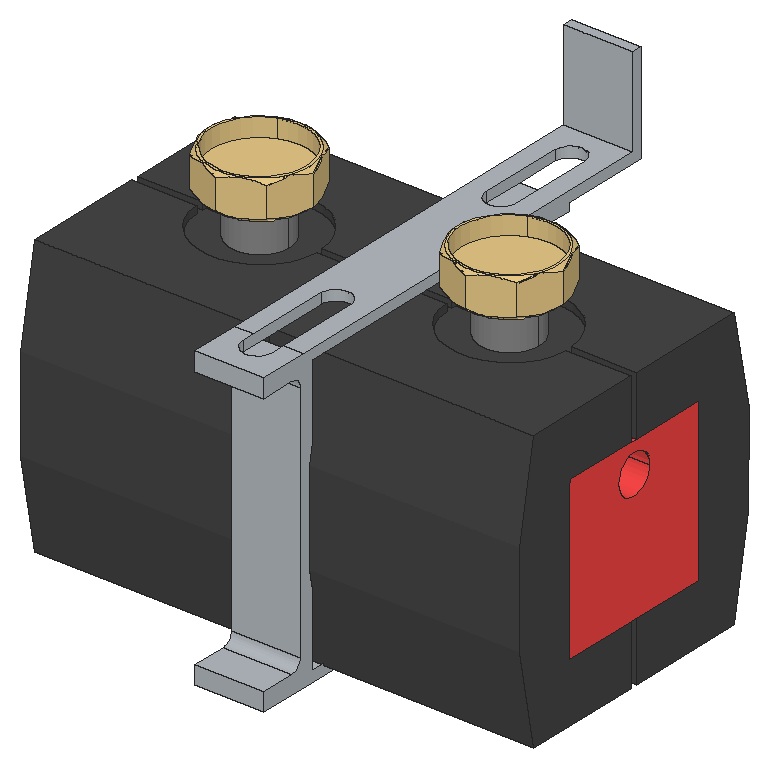
Revit family "Стрелка", category Обобщенные модели, Revit 2022
Family settings
  Может служить основой для арматурных стержней = Нет
  Размер круглого соединителя = Использовать диаметр
  Тип детали = Нормальный
  На основе рабочей плоскости = Нет
  Всегда вертикально = Да
  При загрузке вырезать с полостями = Нет
  Сохранять ориентацию аннотаций = Нет
  Общий = Нет
  Точка принадлежности помещению = Нет
Parameters
  Отметка по умолчанию = 0 mm
  Консоль [instance] = yes
  Изоляция [instance] = yes
  ΔT = 25 °C
  Qmax = 146 W
  Gmax = 0.026417 (stored number, unit not read)
  G = 15 mm
  F = 48 mm
  ADSK_Примечание [instance] = ""
  ADSK_Позиция [instance] = ""
  ADSK_Наименование = "Разделительный модуль ECO2 DN25 OPTIMAL"
  ADSK_Завод-изготовитель = "Huch EnTEC"
  ADSK_Группирование [instance] = ""
Reference planes
  plane 1 "По центру (Вперед/Назад)": y = 0
  plane 2: z = 0
  plane 3 "По центру (Влево/Вправо)": x = 0
  plane 4: z = -40
  plane 5: z = 40
  plane 6: y = -96.196
  plane 7: y = -176.196
  plane 8: x = 92
  plane 9: x = -92
  plane 10: x = 107
  plane 11: z = 105
  plane 12: z = -105
  plane 13: z = 87
  plane 14: x = 62.5
  plane 15: x = -62.5
  plane 16 "55": z = 97.005
  plane 17: z = -70
  plane 18: z = 70
  plane 19: y = -206.196
  plane 20: y = -66.196
  plane 21: y = -76.196
  plane 22: y = -196.196
  plane 23: x = 125
  plane 24: x = -125
  plane 25: x = -10
  plane 26: x = 10
  plane 27 "56": z = -85.213
Forms (mm)
  Extrusion 1, solid, material "1585"
    sketch origin (0, -136.196, 0) x (0, 1, 0) y (0, 0, 1)
      loop
        line (40, 40) -> (-40, 40) -> (-40, -40) -> (40, -40) -> (40, 40)
    from -92 to 92
  Extrusion 2, solid, material "1585"
    sketch origin (0, -136.196, -2.5) x (0, 1, 0) y (0, 0, 1)
      loop
        circle (0, 27.558) r 10
    from 92 to 107
  Extrusion 3, solid, material "Huch EnTEC_Silver"
    sketch origin (14.998, -136.196, -2.5) x (0, 1, 0) y (0, 0, 1)
      loop
        circle (0, 27.558) r 9
    from 92 to 93.035
  Extrusion 4, solid, material "Huch EnTEC_Silver"
    sketch origin (0, -136.196, 0) x (0, 1, 0) y (0, 0, 1)
      loop
        line (0, 34.134) -> (-7.91, 29.567) -> (-7.91, 20.433) -> (0, 15.866) -> (7.91, 20.433) -> (7.91, 29.567) -> (0, 34.134)
    from 108.033 to 110.004
  Extrusion 5, solid, material "Huch EnTEC _Black", visible <- "Изоляция"
    sketch origin (0, -136.196, 0) x (0, 1, 0) y (0, 0, 1)
      loop
        line (40, 40) -> (-40, 40) -> (-40, -40) -> (40, -40) -> (40, 40)
      loop
        arc (-62.5, 70) -> (-72.5, 0) -> (-62.5, -70) r 250
        line (-62.5, -70) -> (62.5, -70)
        arc (62.5, -70) -> (72.515, 0) -> (62.5, 70) r 249.652
        line (62.5, 70) -> (-62.5, 70)
    from -125 to 125
  Extrusion 6, solid, material "Huch EnTEC_Red", visible <- "Изоляция"
    sketch origin (0, -136.196, 0) x (0, 1, 0) y (0, 0, 1)
      loop
        line (40, 40) -> (-40, 40) -> (-40, -40) -> (40, -40) -> (40, 40)
      loop
        circle (0, 25.058) r 10
    from 92 to 125
  Extrusion 7, solid, material "Huch EnTEC_Red", visible <- "Изоляция"
    sketch origin (0, -136.196, 0) x (0, 1, 0) y (0, 0, 1)
      loop
        line (40, 40) -> (-40, 40) -> (-40, -40) -> (40, -40) -> (40, 40)
    from -92 to -125
  Extrusion 8, void
    sketch origin (0, -136.196, 0) x (1, 0, 0) y (0, 1, 0)
      loop
        line (-10, 62.5) -> (10, 62.5) -> (10, 79.269) -> (-10, 79.269) -> (-10, 62.5)
      loop
        line (-10, -60) -> (-10, -79.127) -> (10, -79.127) -> (10, -60) -> (-10, -60)
    from -95 to 87
  Extrusion 9, void
    sketch origin (0, -136.196, 0) x (1, 0, 0) y (0, 1, 0)
      loop
        line (-125, -1.826) -> (-92.444, -1.826)
        arc (-92.444, -1.826) -> (-62.499, -30) -> (-32.555, -1.826) r 30
        line (-32.555, -1.826) -> (32.555, -1.826)
        arc (32.555, -1.826) -> (62.499, -30) -> (92.444, -1.826) r 30
        line (92.444, -1.826) -> (125, -1.826) -> (125, 1.813) -> (92.444, 1.813)
        arc (92.444, 1.813) -> (62.499, 30) -> (32.554, 1.813) r 30
        line (32.554, 1.813) -> (-32.554, 1.813)
        arc (-32.554, 1.813) -> (-62.499, 30) -> (-92.444, 1.813) r 30
        line (-92.444, 1.813) -> (-125, 1.813) -> (-125, -1.826)
    from 66.367 to 70
  Extrusion 10, void
    sketch origin (0, -136.196, -136.25) x (1, 0, 0) y (0, 1, 0)
      loop
        line (-125, -1.826) -> (-92.444, -1.826)
        arc (-92.444, -1.826) -> (-62.499, -30) -> (-32.555, -1.826) r 30
        line (-32.555, -1.826) -> (32.555, -1.826)
        arc (32.555, -1.826) -> (62.499, -30) -> (92.444, -1.826) r 30
        line (92.444, -1.826) -> (125, -1.826) -> (125, 1.813) -> (92.444, 1.813)
        arc (92.444, 1.813) -> (62.499, 30) -> (32.554, 1.813) r 30
        line (32.554, 1.813) -> (-32.554, 1.813)
        arc (-32.554, 1.813) -> (-62.499, 30) -> (-92.444, 1.813) r 30
        line (-92.444, 1.813) -> (-125, 1.813) -> (-125, -1.826)
    from 66.367 to 70
  Extrusion 11, void
    sketch origin (0, -136.196, 0) x (0, 1, 0) y (0, 0, 1)
      loop
        line (1.813, 66.367) -> (-1.826, 66.367) -> (-1.826, 40) -> (1.813, 40) -> (1.813, 66.367)
      loop
        line (1.813, -39.996) -> (-1.826, -39.996) -> (-1.826, -66.363) -> (1.813, -66.363) -> (1.813, -39.996)
    from 117.86 to 143.919
  Extrusion 12, void
    sketch origin (0, -136.196, 0) x (0, 1, 0) y (0, 0, -1)
      loop
        line (1.813, -66.367) -> (1.813, -40) -> (-1.826, -40) -> (-1.826, -66.367) -> (1.813, -66.367)
      loop
        line (1.813, 39.996) -> (1.813, 66.363) -> (-1.826, 66.363) -> (-1.826, 39.996) -> (1.813, 39.996)
    from 117.86 to 143.919
  Revolve 13, solid, material "1585"
    sketch origin (0, -136.25, 0) x (1, 0, 0) y (0, 0, 1)
      loop
        line (62.5, -40) -> (62.5, -95) -> (86.168, -95) -> (85.137, -93.968) -> (86.367, -93.968) -> (85.28, -92.881) -> (86.5, -92.881) -> (85.258, -91.639) -> (86.5, -91.639) -> (85.192, -90.332) -> (86.5, -90.332) -> (85.137, -88.968) -> (86.486, -88.968) -> (85.28, -87.762) -> (86.5, -87.762) -> (85.258, -86.52) -> (86.5, -86.52) -> (85.192, -85.213) -> (86.46, -85.213) -> (85.28, -84.032) -> (86.5, -84.032) -> (85.258, -82.79) -> (86.5, -82.79) -> (85.192, -81.482) -> (86.5, -81.482) -> (85.137, -80.119) -> (86.367, -80.119) -> (85.28, -79.032) -> (86.5, -79.032) -> (85.258, -77.79) -> (86.5, -77.79) -> (85.192, -76.482) -> (86.5, -76.482) -> (85.137, -75.119) -> (86.486, -75.119) -> (85.28, -73.913) -> (86.5, -73.913) -> (85.258, -72.671) -> (86.5, -72.671) -> (85.192, -71.363) -> (86.5, -71.363) -> (85.137, -70) -> (86.367, -70) -> (85.28, -68.913) -> (86.5, -68.913) -> (85.258, -67.671) -> (86.5, -67.671) -> (85.192, -66.363) -> (86.5, -66.363) -> (85.137, -65) -> (86.5, -65) -> (86.5, -40) -> (62.5, -40)
      axis (62.5, -40) -> (62.5, -95)
    angle from 0 to 360
  Revolve 14, solid, material "1585"
    sketch origin (-125, -136.25, 0) x (1, 0, 0) y (0, 0, 1)
      loop
        line (62.5, -40) -> (62.5, -95) -> (86.168, -95) -> (85.137, -93.968) -> (86.367, -93.968) -> (85.28, -92.881) -> (86.5, -92.881) -> (85.258, -91.639) -> (86.5, -91.639) -> (85.192, -90.332) -> (86.5, -90.332) -> (85.137, -88.968) -> (86.486, -88.968) -> (85.28, -87.762) -> (86.5, -87.762) -> (85.258, -86.52) -> (86.5, -86.52) -> (85.192, -85.213) -> (86.46, -85.213) -> (85.28, -84.032) -> (86.5, -84.032) -> (85.258, -82.79) -> (86.5, -82.79) -> (85.192, -81.482) -> (86.5, -81.482) -> (85.137, -80.119) -> (86.367, -80.119) -> (85.28, -79.032) -> (86.5, -79.032) -> (85.258, -77.79) -> (86.5, -77.79) -> (85.192, -76.482) -> (86.5, -76.482) -> (85.137, -75.119) -> (86.486, -75.119) -> (85.28, -73.913) -> (86.5, -73.913) -> (85.258, -72.671) -> (86.5, -72.671) -> (85.192, -71.363) -> (86.5, -71.363) -> (85.137, -70) -> (86.367, -70) -> (85.28, -68.913) -> (86.5, -68.913) -> (85.258, -67.671) -> (86.5, -67.671) -> (85.192, -66.363) -> (86.5, -66.363) -> (85.137, -65) -> (86.5, -65) -> (86.5, -40) -> (62.5, -40)
      axis (62.5, -40) -> (62.5, -95)
    angle from 0 to 360
  Revolve 15, solid, material "1585"
    sketch origin (0, -136.25, 0) x (1, 0, 0) y (0, 0, 1)
      loop
        line (62.5, 40) -> (77.5, 40) -> (77.5, 87) -> (62.5, 87) -> (62.5, 40)
      axis (62.5, 40) -> (62.5, 87)
    angle from 0 to 360
  Revolve 16, solid, material "1585"
    sketch origin (0, -136.25, 0) x (-1, 0, 0) y (0, 0, -1)
      loop
        line (62.5, -40) -> (62.5, -87) -> (77.5, -87) -> (77.5, -40) -> (62.5, -40)
      axis (62.5, -40) -> (62.5, -87)
    angle from 0 to 360
Cuts and joins
  Extrusion 8, Extrusion 9, Extrusion 10, Extrusion 11, Extrusion 12 cuts Extrusion 5
  Extrusion 9, Extrusion 11 cuts Extrusion 1
  Extrusion 9 cuts Extrusion 2
  Extrusion 9 cuts Extrusion 3
  Extrusion 9 cuts Extrusion 4
  Extrusion 9, Extrusion 11, Extrusion 12 cuts Extrusion 6
  Extrusion 9 cuts Extrusion 7
Dimensions and locks
  aligned and locked: level to plane 2
Nested families
  nested 1: "Гайка_Восьмиугольная_Гладкая" at (62.501, -136.196, 87) x (0, 0, 1) z (0.9239, 0.3827, 0), k <- "G", d <- "F", type "Гайка_Восьмиугольная_Гладкая"
    with Материал Huch EnTEC_1, КорректирующийРазмер 25 mm, k 15 mm, dw 50.5 mm, d 48 mm, V 40.00°, S 50.5 mm, K 19 mm
  nested 2: "Гайка_Восьмиугольная_Гладкая" at (-62.499, -136.196, 87) x (0, 0, 1) z (0.9239, 0.3827, 0), k <- "G", d <- "F", type "Гайка_Восьмиугольная_Гладкая"
    with Материал Huch EnTEC_1, КорректирующийРазмер 25 mm, k 15 mm, dw 50.5 mm, d 48 mm, V 40.00°, S 50.5 mm, K 19 mm
  nested 3: "Семейство1" at (-15, -142.446, 0), visible <- "Консоль", ADSK_Группирование <- "ADSK_Группирование", ADSK_Примечание <- "ADSK_Примечание", type "Семейство1"
    with Комплект консолей no, ADSK_Примечание "", ADSK_Группирование ""
Connectors
  piping at (-62.5, -136.196, -85.213), diameter 40
    settings: index 1, connector inside diameter 609.6 mm, connector length 0 mm, flow factor 0, pipe flow 0.0 L/s, pressure drop 0.0 Pa, fitting loss kfactor 0, connector angle 0.00°, fixture units 0, engagement length 0 mm, angle of deflection 0.00°, flow configuration 0, flow direction 0, fitting loss method 0, system type 7, joint type 0, gender type 0, connector reference index 2, connector utility 0, adjustable connector no, is connector primary yes, connector description ""
  piping at (-62.5, -136.196, 97.005), diameter 40
    settings: index 2, connector inside diameter 609.6 mm, connector length 0 mm, flow factor 0, pipe flow 0.0 L/s, pressure drop 0.0 Pa, fitting loss kfactor 0, connector angle 0.00°, fixture units 0, engagement length 0 mm, angle of deflection 0.00°, flow configuration 0, flow direction 0, fitting loss method 0, system type 8, joint type 0, gender type 0, connector reference index 1, connector utility 0, adjustable connector no, is connector primary no, connector description ""
  piping at (62.5, -136.196, -85.213), diameter 40
    settings: index 3, connector inside diameter 609.6 mm, connector length 0 mm, flow factor 0, pipe flow 0.0 L/s, pressure drop 0.0 Pa, fitting loss kfactor 0, connector angle 0.00°, fixture units 0, engagement length 0 mm, angle of deflection 0.00°, flow configuration 0, flow direction 0, fitting loss method 0, system type 8, joint type 0, gender type 0, connector reference index 4, connector utility 0, adjustable connector no, is connector primary no, connector description ""
  piping at (62.5, -136.196, 97.005), diameter 40
    settings: index 4, connector inside diameter 609.6 mm, connector length 0 mm, flow factor 0, pipe flow 0.0 L/s, pressure drop 0.0 Pa, fitting loss kfactor 0, connector angle 0.00°, fixture units 0, engagement length 0 mm, angle of deflection 0.00°, flow configuration 0, flow direction 0, fitting loss method 0, system type 7, joint type 0, gender type 0, connector reference index 3, connector utility 0, adjustable connector no, is connector primary no, connector description ""
Definition of nested family "Гайка_Восьмиугольная_Гладкая"
  Parameters (values of type "Гайка_Восьмиугольная_Гладкая")
    Default Elevation = 0 mm
    Материал [instance] = none
    КорректирующийРазмер [instance] = 76 mm
    k [instance] = 31.635 mm
    dw [instance] = S  # 150 mm
    d [instance] = 100 mm
    V [instance] = 40.00°
    S [instance] = 150 mm
    K [instance] = 70 mm
  Reference planes
    plane 1 "По центру (Вперед/Назад)": y = 0
    plane 2: z = 0
    plane 3 "По центру (Влево/Вправо)": x = 0
    plane 4: x = 70
    plane 5: through (4267.2, -88.185, 17.881) normal (0, -0.7071, 0.7071)
    plane 6: through (4267.2, 17.881, -88.185) normal (0, -0.7071, 0.7071)
    plane 7: through (4267.2, 17.891, 88.175) normal (0, 0.7071, 0.7071)
    plane 8: through (4267.2, -88.175, -17.891) normal (0, 0.7071, 0.7071)
    plane 9: z = -75
    plane 10: z = 75
    plane 11: y = 75
    plane 12: y = -75
    plane 13: through (4267.2, 0, 0) normal (0, -0.7071, 0.7071)
    plane 14: through (4267.2, 0, 0) normal (0, 0.7071, 0.7071)
    plane 15: z = 76
    plane 16: x = 38.365
  Forms (mm)
    Extrusion 1, solid, material <- "Материал"
      sketch origin (0, 0, 0) x (0, 1, 0) y (0, 0, 1)
        loop
          line (75, 31.066) -> (31.066, 75) -> (-31.066, 75) -> (-75, 31.066) -> (-75, -31.066) -> (-31.066, -75) -> (31.066, -75) -> (75, -31.066) -> (75, 31.066)
        loop
          circle (0, 0) r 50
      from 0 to 70
    Sweep 2, void
      path origin (0, 0, 0) x (0, 1, 0) y (0, 0, 1)
        loop
          circle (0, 0) r 75
      profile origin (0, 0, 75) x (0, 0, -1) y (1, 0, 0)
        loop
          line (-1, 70) -> (-135.994, 70) -> (-135.994, 0) -> (-1, 0) -> (-42.711, 35) -> (-1, 70)
    Extrusion 3, solid, material <- "Материал"
      sketch origin (0, 0, 0) x (0, 1, 0) y (0, 0, 1)
        loop
          circle (0, 0) r 50
      from 0 to 10.005
  Cuts and joins
    Sweep 2 cuts Extrusion 1
  Dimensions and locks
    equal spacing: plane 10, level, plane 9
    equal spacing: plane 5, plane 13, plane 6
    equal spacing: plane 7, plane 14, plane 8
    equal spacing: plane 12, plane 1 "По центру (Вперед/Назад)", plane 11
    "S": plane 12 to plane 11
    "S": plane 5 to plane 6
    "S": plane 10 to plane 9
    "S": plane 7 to plane 8
    "K": plane 3 "По центру (Влево/Вправо)" to plane 4
    "КорректирующийРазмер": level to plane 15
    equal spacing: Sweep 2 sketch curve, Sweep 2 sketch curve, Sweep 2 sketch curve
    "K": Sweep 2 sketch curve to Sweep 2 sketch curve
    "k": plane 4 to plane 16
    "d": diameter of Extrusion 1 sketch curve
    "dw": diameter of Sweep 2 sketch curve
    "d": diameter of Extrusion 3 sketch curve
    "V": angle Sweep 2 sketch curve to Sweep 2 sketch curve  (x2)
    aligned and locked: level to plane 2
    aligned and locked: plane 12 to Extrusion 1 sketch curve
    aligned and locked: plane 5 to Extrusion 1 sketch curve
    aligned and locked: plane 10 to Extrusion 1 sketch curve
    aligned and locked: plane 7 to Extrusion 1 sketch curve
    aligned and locked: Extrusion 1 sketch curve to plane 11
    aligned and locked: Extrusion 1 sketch curve to plane 6
    aligned and locked: Extrusion 1 sketch curve to plane 9
    aligned and locked: Extrusion 1 sketch curve to plane 8
    aligned and locked: plane 4 to Extrusion 1
    aligned and locked: Sweep 2 sketch curve to plane 4
    aligned and locked: Sweep 2 sketch curve to plane 15
    aligned and locked: plane 15 to Sweep 2 sketch curve
  Automatic sketch dimensions
    Extrusion 1 sketch curve to plane 13 = 0 mm
    Extrusion 1 sketch curve to plane 14 = 0 mm
    Sweep 2 sketch curve to level = 0 mm
    Sweep 2 sketch curve to plane 1 "По центру (Вперед/Назад)" = 0 mm
    Sweep 2 sketch curve to Sweep 2 sketch curve = 93.282 mm
    Extrusion 3 sketch curve to level = 0 mm
    Extrusion 3 sketch curve to plane 1 "По центру (Вперед/Назад)" = 0 mm
Definition of nested family "Семейство1"
  Parameters (values of type "Семейство1")
    Default Elevation = 0 mm
    Комплект консолей [instance] = no
    ADSK_Примечание [instance] = ""
    ADSK_Наименование = "Стойка для гидрострелки"
    ADSK_Группирование [instance] = ""
  Reference planes
    plane 1 "По центру (Вперед/Назад)": y = 0
    plane 2: z = 0
    plane 3 "По центру (Влево/Вправо)": x = 0
  Forms (mm)
    Extrusion 1, solid
      sketch origin (517.187, 10.371, 0) x (0, 1, 0) y (0, 0, 1)
        loop
          line (-73.45, -69.824) -> (64.7, -69.824) -> (64.7, 69.824) -> (-73.45, 69.824) -> (-73.45, -69.824)
        loop
          line (132.075, 69.824) -> (132.075, 119.824) -> (127.075, 119.824) -> (127.075, 74.824) -> (-78.7, 74.824) -> (-103.7, 74.824) -> (-103.7, 65.723) -> (-85.982, 65.723)
          arc (-85.982, 65.723) -> (-82.289, 64.193) -> (-80.759, 60.5) r 5.223
          line (-80.759, 60.5) -> (-80.759, -60.5)
          arc (-80.759, -60.5) -> (-82.289, -64.193) -> (-85.982, -65.723) r 5.223
          line (-85.982, -65.723) -> (-103.7, -65.723) -> (-103.7, -74.824) -> (-78.7, -74.824) -> (127.075, -74.824) -> (127.075, -133.574) -> (132.075, -133.574) -> (132.075, -69.824) -> (87.232, -69.824) -> (87.232, -65.723) -> (77.232, -65.723)
          arc (77.232, -65.723) -> (73.539, -64.193) -> (72.009, -60.5) r 5.223
          line (72.009, -60.5) -> (72.009, 60.5)
          arc (72.009, 60.5) -> (73.539, 64.193) -> (77.232, 65.723) r 5.223
          line (77.232, 65.723) -> (87.232, 65.723) -> (87.232, 69.824) -> (132.075, 69.824)
      from -482.787 to -517.187
    Extrusion 2, void
      sketch origin (517.187, 10.371, 0) x (1, 0, 0) y (0, 1, 0)
        loop
          arc (-492.741, -36.982) -> (-500.241, -29.482) -> (-507.741, -36.982) r 7.5
          line (-507.741, -36.982) -> (-507.741, -85.759)
          arc (-507.741, -85.759) -> (-500.241, -93.259) -> (-492.741, -85.759) r 7.5
          line (-492.741, -85.759) -> (-492.741, -36.982)
        loop
          arc (-492.707, 109.613) -> (-500.207, 117.113) -> (-507.707, 109.613) r 7.5
          line (-507.707, 109.613) -> (-507.707, 66.497)
          arc (-507.707, 66.497) -> (-500.207, 58.997) -> (-492.707, 66.497) r 7.5
          line (-492.707, 66.497) -> (-492.707, 109.613)
      from 69.824 to 74.824
  Cuts and joins
    Extrusion 2 cuts Extrusion 1
  Dimensions and locks
    aligned and locked: level to plane 2
